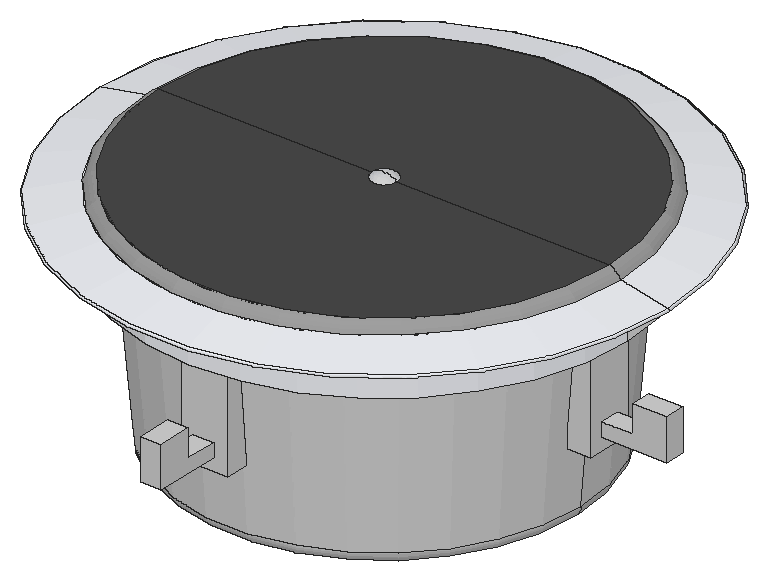
Revit family "FAP42TC-UL2043", category Communication Devices, Revit 2014
Parameters (values of type "Two Way, Full Range, Coaxial Ceiling Loudspeaker")
  Width = 10.50"
  Warranty = "5 Year"
  Vertical Symmetry = yes
  URL = "www.atlassound.com"
  Transformer Option = yes
  Specification by User (default) = "TBD"
  Speaker Type = "S1"
  Speaker Listening Height [instance] = 30.00"
  Speaker Height [instance] = 120.00"
  Speaker Dispersion = 130.00°
  Speaker Cone Visible [instance] = no
  Speaker Cone Height [instance] = (Speaker Height - Speaker Listening Height)  # 90.00"
  Sensitivity = 88
  ScheduleType |RF| = "AtlasIED Master"
  Safety Features = "1 Safety Hang Point"
  Safety Agency Ratings = "UL Listed to Comply with UL1480, UL2043 and CSA60065. Suitable for Use in Air Handling Spaces per NFPA 70 and NFPA 90"
  SPL Max = 107
  Regulatory Compliance = "UL Listed to Comply with UL1480, UL2043 and CSA60065. Suitable for Use in Air Handling Spaces per NFPA 70 and NFPA 90"
  Radius of Speaker Cone [instance] = (Speaker Cone Height) * tan(Speaker Dispersion / 2)  # 193.00562"
  Product Page URL = "https://www.atlasied.com/fap42tc-ul2043"
  Product Documentation Link = "https://www.atlasied.com/f/2254/ATS004743%20FAP42TC-UL2043%20Data%20Sheet.pdf"
  Power Rating (RMS) = "25 Watts"
  Power Handling = 25
  OmniClass Title = "SPEAKERS"
  OmniClass Number = "23-37 17 13 19"
  Mounting/Rigging Provisions = "Patented Safety First Mounting System"
  Mount Material = QF_Plastic - White - Smooth
  Model = "FAP42TC-UL2043"
  MaterFormat Title = "SPEAKERS"
  MasterFormat = "27 41 13"
  Market = "Commercial, Higher Education, Emergency"
  Manufacturer URL = "https://www.atlasied.com/"
  Manufacturer Phone = "(800) 876 - 3333"
  Manufacturer Email = "support@atlasied.com"
  Manufacturer Address = "4545 E. Baseline Rd., Phoenix, AZ 85042"
  Manufacturer = "ATLAS SOUND"
  Ingress Protection = "IP-21"
  Impedance = 8
  IQ Category = "SPEAKERS"
  Height = 4.25"
  HF Driver = "Coaxially Mounted PEI Dome Tweeter"
  Grill Material = QF_Plastic - Black - Fine Textured
  Frequency Response  = "83Hz – 20kHz (±7dB)"
  Family Version [instance] = "2017-01"
  Family Code (default) = "LOUD SPEAKERS"
  Enclosure Material = QF_Wall Paint-Gray
  Dispersion Angle = 130.00°
  Description = "4\" SHALLOW MOUNT COAXIAL IN-CEILING LOUDSPEAKER WITH 16-WATT 70/100V TRANSFORMER, PORTED ENCLOSURE, AND UL2043 CERTIFICATION"
  Depth = 10.50"
  Coverage Vertical = 110.00°
  Coverage Horizontal = 110.00°
  Cost MSRP = 135.99
  Cost = 135.99
  Controls = "Front Mounted Tap Selector Switch."
  Color = none
  Body Material = QF_Metal - Stainless - Polished
  Baffle Material = none
  70V Taps = "1, 2, 4, 8, and 16 Watts  & 8Ω"
  100V Taps = "1, 2, 4, 8, and 16 Watts  & 8Q Bypass. Primary taps (@70.7V)"
Reference planes (in)
  plane 1 "Center (Front/Back)": y = 0
  plane 2: z = 0
  plane 3 "Center (Left/Right)": x = 0
  plane 4: z = 0.55
  plane 5: z = -8.76
  plane 6: x = -5.25
  plane 7: x = 5.25
  plane 8: z = 0.38172
  plane 9: z = -0.75
  plane 10: z = -4.25
  plane 11: x = -4.5
  plane 12: x = 4.5
Forms (in)
  Revolve 1, solid, material "QF_Plastic - White - Smooth" <- "Mount Material"
    sketch origin (0, 0, 0) x (1, 0, 0) y (0, 0, 1)
      loop
        line (-5.25, 0) -> (-4.5, 0) -> (-4.5, -0.75) -> (0, -0.75) -> (0, 0.21227) -> (-4.36069, 0.21227)
        arc (-4.36069, 0.21227) -> (-4.7924, 0.12916) -> (-5.22241, 0.03769) r 22.63754
        arc (-5.22241, 0.03769) -> (-5.2433, 0.02404) -> (-5.25, 0) r 0.03543
      axis (0, 0.21227) -> (0, -0.75)
    angle from 0 to 360
  Revolve 2, solid, material "QF_Plastic - Black - Fine Textured" <- "Grill Material"
    sketch origin (0, 0, 0) x (1, 0, 0) y (0, 0, 1)
      loop
        line (0, 0.21227) -> (0, 0.38172) -> (0, 0.45737)
        arc (0, 0.45737) -> (-0.12114, 0.44524) -> (-0.225, 0.38172) r 0.27343
        line (-0.225, 0.38172) -> (-4.15874, 0.38172)
        arc (-4.15874, 0.38172) -> (-4.27452, 0.31463) -> (-4.36069, 0.21227) r 0.38882
        line (-4.36069, 0.21227) -> (0, 0.21227)
      axis (0, 0.45737) -> (0, 0.21227)
    angle from 0 to 360
  Revolve 3, solid, material "QF_Metal - Stainless - Polished" <- "Body Material"
    sketch origin (0, 0, 0) x (1, 0, 0) y (0, 0, 1)
      loop
        line (0, -0.75) -> (-3.8987, -0.75) -> (-3.63253, -3.79238)
        arc (-3.63253, -3.79238) -> (-3.56883, -3.93835) -> (-3.42991, -4.01624) r 0.25
        arc (-3.42991, -4.01624) -> (-1.72141, -4.22693) -> (0, -4.21748) r 13.43767
        line (0, -4.21748) -> (0, -0.75)
      axis (0, -0.75) -> (0, -4.21748)
    angle from 0 to 360
  Extrusion 4, solid, material "QF_Metal - Stainless - Polished" <- "Body Material"
    sketch origin (0, 0, -0.75) x (0, 1, 0) y (1, 0, 0)
      loop
        line (0.40934, -4.15655) -> (0.40934, -3.74245) -> (-0.44066, -3.74245) -> (-0.44066, -4.15655) -> (0.40934, -4.15655)
      loop
        line (4.13763, 0.41845) -> (3.72024, 0.41845) -> (3.72024, -0.43155) -> (4.13763, -0.43155) -> (4.13763, 0.41845)
      loop
        line (-4.13763, 0.41845) -> (-4.13763, -0.43155) -> (-3.72024, -0.43155) -> (-3.72024, 0.41845) -> (-4.13763, 0.41845)
      loop
        line (0.40934, 4.15655) -> (-0.44066, 4.15655) -> (-0.44066, 3.74245) -> (0.40934, 3.74245) -> (0.40934, 4.15655)
    from 0 to 1.85886
  Extrusion 5, solid, material "QF_Metal - Stainless - Polished" <- "Body Material"
    sketch origin (-3.78297, -0.44066, -0.75) x (-1, 0, 0) y (0, 0, -1)
      loop
        line (1.59203, 1.61) -> (0.37358, 1.61) -> (0.37358, 1.36) -> (0.96703, 1.36) -> (0.96703, 0.86) -> (1.59203, 0.86) -> (1.59203, 1.61)
      loop
        line (-9.15797, 1.61) -> (-9.15797, 0.86) -> (-8.53297, 0.86) -> (-8.53297, 1.36) -> (-7.93952, 1.36) -> (-7.93952, 1.61) -> (-9.15797, 1.61)
    from -0.2375 to -0.6125
  Extrusion 6, solid, material "QF_Metal - Stainless - Polished" <- "Body Material"
    sketch origin (-0.425, 3.7673, -0.75) x (0, 1, 0) y (0, 0, -1)
      loop
        line (1.59203, 1.61) -> (0.37358, 1.61) -> (0.37358, 1.36) -> (0.96703, 1.36) -> (0.96703, 0.86) -> (1.59203, 0.86) -> (1.59203, 1.61)
      loop
        line (-9.15797, 1.61) -> (-9.15797, 0.86) -> (-8.53297, 0.86) -> (-8.53297, 1.36) -> (-7.93952, 1.36) -> (-7.93952, 1.61) -> (-9.15797, 1.61)
    from -0.2375 to -0.6125
  Blend 7, solid, material "Glass", visible <- "Speaker Cone Visible"
    base sketch origin (0, 0, 0) x (1, 0, 0) y (0, 1, 0)
      loop
        circle (0, 0.09521) r 193.00562
    top sketch origin (0, 0, 0) x (1, 0, 0) y (0, 1, 0)
      loop
        circle (0, 0.09521) r 0.13513
    from 90 <- "Speaker Cone Height" to 0
  Blend 8, solid, material "Glass", visible <- "Speaker Cone Visible"
    base sketch origin (0, 0, 0) x (1, 0, 0) y (0, 1, 0)
      loop
        circle (0, 0.09521) r 193.00562
    top sketch origin (0, 0, 0) x (1, 0, 0) y (0, 1, 0)
      loop
        circle (0, 0.09521) r 0.13513
    from 90 <- "Speaker Cone Height" to 0
Lines and regions (in)
  symbolic lines
    curve 1: circle (0, 0, 0) r 5.25 normal (0, 0, 1)
    curve 2: circle (0, 0, 0) r 0.225 normal (0, 0, 1)
    curve 3: circle (0, 0, 0) r 4.36069 normal (0, 0, 1)
  symbolic lines, style "Sound Projection Average", visible <- "Speaker Cone Visible"
    curve 4: circle (0, 0.09521, 0) r 193.00562 normal (0, 0, 1)
Dimensions and locks (in)
  plane 2 to plane 5 = 8.76"
  level to plane 9 = 0.75"
  "Width": plane 6 to plane 7
  "Height": plane 2 to plane 10
  plane 11 to plane 12 = 9.00"
  "Radius of Speaker Cone": radius of Blend 7 sketch curve
  "Radius of Speaker Cone": radius of Blend 8 sketch curve
  aligned and locked: plane 2 to level
  aligned and locked: curve 4 to Blend 8
Automatic sketch dimensions
  curve 1 to curve 2 = 0.00"  (x2)
  curve 2 to curve 3 = 0.00"  (x2)
  plane 1 "Center (Front/Back)" to curve 2 = 0.00"
  curve 2 to plane 3 "Center (Left/Right)" = 0.00"
  Revolve 1 sketch curve to level = 0.00"
  plane 6 to Revolve 1 sketch curve = 0.00"
  plane 11 to Revolve 1 sketch curve = 0.00"
  Revolve 1 sketch curve to plane 3 "Center (Left/Right)" = 0.00"  (x2)
  Revolve 1 sketch curve to plane 9 = 0.00"
  level to Revolve 1 sketch curve = 0.00311"
  Revolve 1 sketch curve to plane 6 = 0.0353"
  Revolve 1 sketch curve to plane 11 = 0.13931"
  Revolve 1 sketch curve to plane 3 "Center (Left/Right)" = 0.29765"
  Revolve 1 sketch curve to plane 5 = 13.29766"
  Revolve 1 sketch curve to plane 8 = 0.16946"
  Revolve 1 sketch curve to plane 4 = 2.31194"
  Revolve 1 sketch curve to Revolve 1 sketch curve = 0.25"
  Revolve 2 sketch curve to plane 8 = 0.00"  (x2)
  Revolve 2 sketch curve to plane 3 "Center (Left/Right)" = 0.00"  (x2)
  Revolve 2 sketch curve to plane 3 "Center (Left/Right)" = 0.034"
  Revolve 2 sketch curve to Revolve 2 sketch curve = 0.225"
  level to Revolve 2 sketch curve = 0.01678"
  Revolve 2 sketch curve to plane 11 = 0.47541"
  Revolve 2 sketch curve to plane 11 = 0.34126"
  Revolve 2 sketch curve to plane 11 = 0.13931"
  Revolve 2 sketch curve to Revolve 2 sketch curve = 0.0262"
  Revolve 2 sketch curve to plane 4 = 2.31194"
  Revolve 2 sketch curve to Revolve 2 sketch curve = 0.25"
  Revolve 3 sketch curve to plane 9 = 0.00"
  Revolve 3 sketch curve to plane 3 "Center (Left/Right)" = 0.00"  (x2)
  Revolve 3 sketch curve to plane 3 "Center (Left/Right)" = 0.93435"
  plane 10 to Revolve 3 sketch curve = 0.47941"
  Revolve 3 sketch curve to plane 11 = 1.11652"
  Revolve 3 sketch curve to Revolve 3 sketch curve = 0.24905"
  Revolve 3 sketch curve to plane 11 = 0.6013"
  Revolve 3 sketch curve to Revolve 3 sketch curve = 0.02179"
  plane 10 to Revolve 3 sketch curve = 0.03252"
  Revolve 3 sketch curve to plane 4 = 8.63767"
  Revolve 3 sketch curve to plane 4 = 2.31194"
  Revolve 3 sketch curve to Revolve 3 sketch curve = 0.25"
  Extrusion 4 sketch curve to Revolve 1 = 4.13763"
  Extrusion 4 sketch curve to Extrusion 4 sketch curve = 0.4174"  (x2)
  Extrusion 4 sketch curve to Revolve 1 = 0.44066"  (x2)
  Revolve 1 to Extrusion 4 sketch curve = 0.40934"  (x2)
  Revolve 1 to Extrusion 4 sketch curve = 3.72024"
  Extrusion 4 sketch curve to Extrusion 4 sketch curve = 0.4141"  (x2)
  Extrusion 4 sketch curve to Extrusion 4 sketch curve = 3.324"  (x2)
  Extrusion 4 sketch curve to Extrusion 4 sketch curve = 0.85"  (x2)
  Extrusion 4 sketch curve to Extrusion 4 sketch curve = 3.3109"
  Extrusion 4 to Extrusion 5 sketch curve = 0.00"
  Extrusion 4 to Extrusion 5 sketch curve = 0.24886"  (x2)
  Extrusion 5 sketch curve to Extrusion 4 = 7.899"
  Extrusion 5 sketch curve to Extrusion 5 sketch curve = 0.59345"  (x2)
  Extrusion 5 sketch curve to Extrusion 5 sketch curve = 0.625"  (x2)
  Extrusion 5 sketch curve to Extrusion 5 sketch curve = 0.25"  (x2)
  Extrusion 5 sketch curve to Extrusion 5 sketch curve = 0.75"
  Extrusion 5 sketch curve to Extrusion 5 sketch curve = 0.50"
  Extrusion 6 sketch curve to Extrusion 6 sketch curve = 0.59345"  (x2)
  Extrusion 6 sketch curve to plane 9 = 0.86"  (x2)
  Extrusion 6 sketch curve to Extrusion 6 sketch curve = 0.50"  (x2)
  Extrusion 6 sketch curve to Extrusion 6 sketch curve = 0.25"  (x2)
  Extrusion 6 sketch curve to plane 1 "Center (Front/Back)" = 4.14088"
  Extrusion 6 sketch curve to Extrusion 6 sketch curve = 0.625"  (x2)
  plane 1 "Center (Front/Back)" to Extrusion 6 sketch curve = 4.17221"
  Blend 7 sketch curve to plane 3 "Center (Left/Right)" = 0.00"  (x2)
  Blend 7 sketch curve to plane 1 "Center (Front/Back)" = 0.09521"  (x2)
  Blend 8 sketch curve to plane 3 "Center (Left/Right)" = 0.00"  (x2)
  Blend 8 sketch curve to plane 1 "Center (Front/Back)" = 0.09521"  (x2)
  radius of curve 1 = 5.25"
  radius of curve 2 = 0.225"
  radius of curve 3 = 4.36069"
  radius of Blend 7 sketch curve = 0.13513"
  radius of Blend 8 sketch curve = 0.13513"
Nested families (in)
  nested 1: "Speaker Annotation" at (0, 0, 0), Speaker Type <- "Speaker Type", type "Data Annotation"
    with Speaker Type "S1"
Definition of nested family "Speaker Annotation"
  Parameters (values of type "Data Annotation")
    Speaker Type [instance] = ""
  Reference planes (in)
    plane 1: y = 0
    plane 2: x = 0
  Lines and regions (in)
    detail lines, style "Data Device"
      curve 1: circle (-0.00295, 0.00032, 0) r 0.09489 normal (0, 0, 1)
  Text (in)
    label "S1" at (0.00193, -0.00496, 0), shows "Speaker Type"
